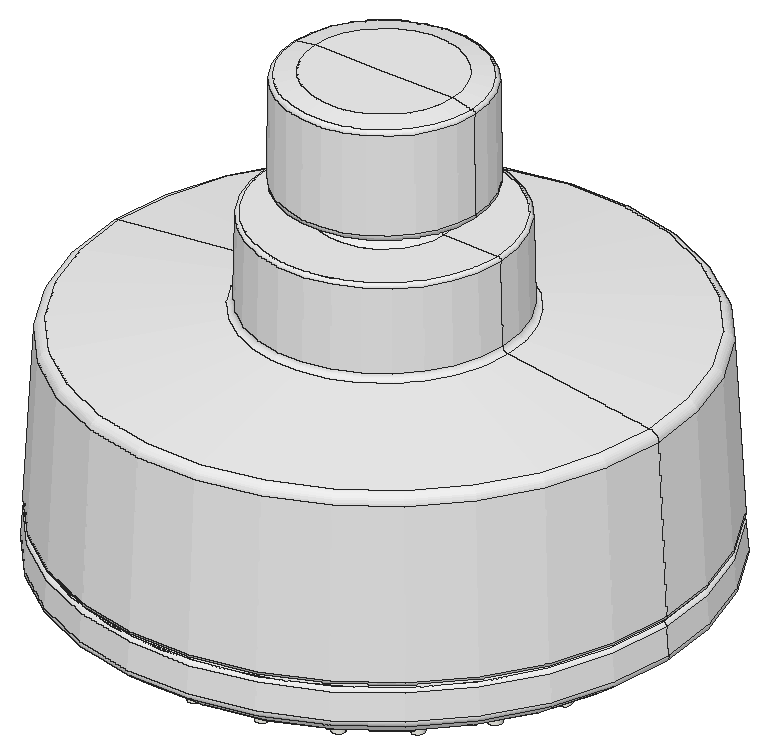
Revit family "xShower_Head-GROHE-New_Tempesta_Cosmopolitan_100-26043_Series", category Plumbing Fixtures, Revit 2018
Family settings
  Round Connector Dimension = Use Diameter
  Part Type = Normal
  OmniClass Number = 23.45.05.14.17
  OmniClass Title = Showers
  Work Plane-Based = Yes
  Always vertical = No
  Cut with Voids When Loaded = No
  Shared = Yes
  Room Calculation Point = No
Parameters (values of type "26043001")
  cUPC Compliant = yes
  Waste Connection = no
  Warranty Documentation Link = "https://cdn.cloud.grohe.com/tpi/1000/1900/1940/1949/1949006/original/1949006.pdf"
  WFU = 0  # constant formula
  Vent Connection = no
  URL = "https://www.grohe.us/"
  Tempered Water Connection Radius = 1/4"  # constant formula
  Tempered Water Connection Diameter = Tempered Water Connection Radius * 2  # 1/2"
  Revised Date = "05/27/2021"  # constant formula
  Product Page URL = "https://www.grohe.us/Shower-Heads/100-Shower-Head-4-Inch-4-Sprays-175-gpm/GROHE-CHROME-26043001"
  Product Documentation Link = "https://americanstandard.box.com/shared/static/akw5ragoc8y44gxfnxv3qe4qzl8ixzyp.pdf"
  Price = "Prices may vary. Please consult Manufacturer Representative for most up-to-date price list."  # constant formula
  Model = "26043001"
  Min. Working Pressure = "15 psi (1.0 bar)"  # constant formula
  Material = "Metal-Grohe-001-StarLight Chrome"
  Manufacturer = "GROHE"
  IAPMO Compliance = "ASME A112.18.1/CSA B125.1"  # constant formula
  Height = 3 5/16"
  HWFU = 3  # constant formula
  HW Connection = yes
  Flow Rate = "1.75 gpm (6.6 l/min)"  # constant formula
  Finish = Metal-Grohe-001-StarLight Chrome
  Diameter = 3 15/16"
  Description = "Tempesta Cosmopolitan 100 Shower Head"  # constant formula
  Default Elevation = 0"
  Creation Date = "2017/04/20"  # constant formula
  CWFU = 3  # constant formula
  CW Connection = yes
  Assembly Code = "D2010710"
Types (6): name | Product Page URL | Model | Material | Finish | Assembly Code
  (no name) | "https://www.grohe.us/Shower-Heads/100-Shower-Head-4-Inch-4-Sprays-175-gpm/GROHE-CHROME-26043001" | "26043001" | "Metal-Grohe-001-StarLight Chrome" | Metal-Grohe-001-StarLight Chrome | "D2010710"
  26043001 | "https://www.grohe.us/Shower-Heads/100-Shower-Head-4-Inch-4-Sprays-175-gpm/GROHE-CHROME-26043001" | "26043001" | "Metal-Grohe-001-StarLight Chrome" | Metal-Grohe-001-StarLight Chrome | "D2010710"
  26043EN1 | "https://www.grohe.us/Shower-Heads/100-Shower-Head-4-Inch-4-Sprays-175-gpm/GROHE-BRUSHED-NICKEL-26043EN1" | "26043EN1" | "Metal-Grohe-EN1-Brushed Nickel Infinity Finish" | Metal-Grohe-EN1-Brushed Nickel Infinity Finish | "D2010700"
  26043A01 | "https://www.grohe.us/Shower-Heads/100-Shower-Head-4-Inch-4-Sprays-175-gpm/GROHE-HARD-GRAPHITE-26043A01" | "26043A01" | "Metal-Grohe-A01-Hard Graphite" | Metal-Grohe-A01-Hard Graphite | "D2010710"
  26043BE1 | "https://www.grohe.us/Shower-Heads/100-Shower-Head-4-Inch-4-Sprays-175-gpm/GROHE-POLISHED-NICKEL-26043BE1" | "26043BE1" | "Metal-Grohe-BE1-Polished Nickel Infinity Finish" | Metal-Grohe-BE1-Polished Nickel Infinity Finish | "D2010710"
  26043GN1 | "https://www.grohe.us/Shower-Heads/100-Shower-Head-4-Inch-4-Sprays-175-gpm/GROHE-BRUSHED-COOL-SUNRISE-26043GN1" | "26043GN1" | "Metal-Grohe-GN1-Brushed Cool Sunrise" | Metal-Grohe-GN1-Brushed Cool Sunrise | "D2010710"
Reference planes (in)
  plane 1 "Center (Front/Back)": y = 0
  plane 2: z = 0
  plane 3 "Center (Left/Right)": x = 0
  plane 4: x = 1.96875
  plane 5: x = -1.96875
  plane 6: z = -3.3125
Forms (in)
  Revolve 1, solid, material "Metal-Grohe-001-StarLight Chrome" <- "Finish"
    sketch origin (0, 0, 0.03216) x (1, 0, 0) y (0, 0, 1)
      loop
        line (0.62963, -0.68893) -> (0.6243, -0.07744)
        arc (0.6243, -0.07744) -> (0.61777, -0.05988) -> (0.60153, -0.05054) r 0.02756
        line (0.60153, -0.05054) -> (0.47124, -0.02757) -> (0, -0.02757) -> (0, -3.34466) -> (0.35181, -3.34466)
        arc (0.35181, -3.34466) -> (0.4293, -3.32656) -> (0.49688, -3.28458) r 0.24491
        arc (0.49688, -3.28458) -> (0.99156, -3.23418) -> (1.48551, -3.17709) r 36.71426
        arc (1.48551, -3.17709) -> (1.63073, -3.14674) -> (1.76881, -3.09251) r 0.88258
        arc (1.76881, -3.09251) -> (1.78443, -3.08814) -> (1.79829, -3.07971) r 0.05945
        arc (1.79829, -3.07971) -> (1.87314, -3.03088) -> (1.94312, -2.97529) r 0.95758
        arc (1.94312, -2.97529) -> (1.95453, -2.95917) -> (1.95734, -2.93963) r 0.04211
        line (1.95734, -2.93963) -> (1.94486, -2.76726)
        arc (1.94486, -2.76726) -> (1.93544, -2.75369) -> (1.92069, -2.74625) r 0.03357
        line (1.92069, -2.74625) -> (1.84693, -2.74625) -> (1.82174, -2.72657) -> (1.92176, -2.72657)
        arc (1.92176, -2.72657) -> (1.93591, -2.72049) -> (1.94124, -2.70605) r 0.0195
        line (1.94124, -2.70605) -> (1.88604, -1.65276)
        arc (1.88604, -1.65276) -> (1.86796, -1.60907) -> (1.82642, -1.58648) r 0.07087
        arc (1.82642, -1.58648) -> (1.3395, -1.51923) -> (0.8502, -1.47229) r 11.81102
        arc (0.8502, -1.47229) -> (0.82451, -1.46006) -> (0.81377, -1.43372) r 0.03937
        line (0.81377, -1.43372) -> (0.80474, -0.91631)
        arc (0.80474, -0.91631) -> (0.79768, -0.89988) -> (0.78112, -0.8931) r 0.02362
        line (0.78112, -0.8931) -> (0.40709, -0.8931) -> (0.36417, -0.85019) -> (0.36417, -0.78485)
        arc (0.36417, -0.78485) -> (0.37378, -0.75256) -> (0.39948, -0.73078) r 0.05906
        line (0.39948, -0.73078) -> (0.58815, -0.73078)
        arc (0.58815, -0.73078) -> (0.61761, -0.7185) -> (0.62963, -0.68893) r 0.04148
      axis (0, -0.02757) -> (0, -3.34466)
    angle from 0 to 360
  Extrusion 2, solid, material "Metal-Grohe-001-StarLight Chrome" <- "Finish"
    sketch origin (0, 0, 0) x (0, 1, 0) y (0, 0, 1)
      loop
        arc (2.76106, -2.89823) -> (2.76275, -2.88209) -> (2.75148, -2.87041) r 0.0192
        line (2.75148, -2.87041) -> (2.11117, -2.62462)
        arc (2.11117, -2.62462) -> (2.07214, -2.62446) -> (2.04153, -2.64868) r 0.05907
        line (2.04153, -2.64868) -> (1.99909, -2.71567)
        arc (1.99909, -2.71567) -> (1.98669, -2.72733) -> (1.9702, -2.73156) r 0.0342
        line (1.9702, -2.73156) -> (1.93062, -2.73156) -> (1.79627, -2.73156) -> (1.79627, -3.05147) -> (2.41947, -3.4279)
        arc (2.41947, -3.4279) -> (2.43459, -3.43019) -> (2.44689, -3.4211) r 0.01995
        line (2.44689, -3.4211) -> (2.76106, -2.89823)
    from -0.07874 to 0.07874
  Extrusion 3, solid, material "Rubber-Grohe-White"
    sketch origin (0, -0.20312, 0) x (1, 0, 0) y (0, 1, 0)
      loop
        circle (0, 1.83978) r 0.04013
    from -3.05813 to -3.1457
  Extrusion 4, solid, material "Rubber-Grohe-White"
    sketch origin (0, -0.53528, 0) x (1, 0, 0) y (0, 1, 0)
      loop
        circle (0, 1.83978) r 0.04013
    from -3.05813 to -3.19328
  Extrusion 5, solid, material "Rubber-Grohe-White"
    sketch origin (0, -0.86744, 0) x (1, 0, 0) y (0, 1, 0)
      loop
        circle (0, 1.83978) r 0.04013
    from -3.05813 to -3.22866
  Extrusion 6, solid, material "Rubber-Grohe-White"
    sketch origin (-0.05257, -0.1962, 0) x (0.965926, -0.258819, 0) y (0.258819, 0.965926, 0)
      loop
        circle (0, 1.83978) r 0.04013
    from -3.05813 to -3.1457
  Extrusion 7, solid, material "Rubber-Grohe-White"
    sketch origin (-0.13854, -0.51704, 0) x (0.965926, -0.258819, 0) y (0.258819, 0.965926, 0)
      loop
        circle (0, 1.83978) r 0.04013
    from -3.05813 to -3.19328
  Extrusion 8, solid, material "Rubber-Grohe-White"
    sketch origin (-0.22451, -0.83788, 0) x (0.965926, -0.258819, 0) y (0.258819, 0.965926, 0)
      loop
        circle (0, 1.83978) r 0.04013
    from -3.05813 to -3.22866
  Extrusion 9, solid, material "Rubber-Grohe-White"
    sketch origin (-0.10156, -0.17591, 0) x (0.866025, -0.5, 0) y (0.5, 0.866025, 0)
      loop
        circle (0, 1.83978) r 0.04013
    from -3.05813 to -3.1457
  Extrusion 10, solid, material "Rubber-Grohe-White"
    sketch origin (-0.26764, -0.46357, 0) x (0.866025, -0.5, 0) y (0.5, 0.866025, 0)
      loop
        circle (0, 1.83978) r 0.04013
    from -3.05813 to -3.19328
  Extrusion 11, solid, material "Rubber-Grohe-White"
    sketch origin (-0.43372, -0.75123, 0) x (0.866025, -0.5, 0) y (0.5, 0.866025, 0)
      loop
        circle (0, 1.83978) r 0.04013
    from -3.05813 to -3.22866
  Extrusion 12, solid, material "Rubber-Grohe-White"
    sketch origin (-0.14363, -0.14363, 0) x (0.707107, -0.707107, 0) y (0.707107, 0.707107, 0)
      loop
        circle (0, 1.83978) r 0.04013
    from -3.05813 to -3.1457
  Extrusion 13, solid, material "Rubber-Grohe-White"
    sketch origin (-0.3785, -0.3785, 0) x (0.707107, -0.707107, 0) y (0.707107, 0.707107, 0)
      loop
        circle (0, 1.83978) r 0.04013
    from -3.05813 to -3.19328
  Extrusion 14, solid, material "Rubber-Grohe-White"
    sketch origin (-0.61337, -0.61337, 0) x (0.707107, -0.707107, 0) y (0.707107, 0.707107, 0)
      loop
        circle (0, 1.83978) r 0.04013
    from -3.05813 to -3.22866
  Extrusion 15, solid, material "Rubber-Grohe-White"
    sketch origin (-0.17591, -0.10156, 0) x (0.5, -0.866025, 0) y (0.866025, 0.5, 0)
      loop
        circle (0, 1.83978) r 0.04013
    from -3.05813 to -3.1457
  Extrusion 16, solid, material "Rubber-Grohe-White"
    sketch origin (-0.46357, -0.26764, 0) x (0.5, -0.866025, 0) y (0.866025, 0.5, 0)
      loop
        circle (0, 1.83978) r 0.04013
    from -3.05813 to -3.19328
  Extrusion 17, solid, material "Rubber-Grohe-White"
    sketch origin (-0.75123, -0.43372, 0) x (0.5, -0.866025, 0) y (0.866025, 0.5, 0)
      loop
        circle (0, 1.83978) r 0.04013
    from -3.05813 to -3.22866
  Extrusion 18, solid, material "Rubber-Grohe-White"
    sketch origin (-0.1962, -0.05257, 0) x (0.258819, -0.965926, 0) y (0.965926, 0.258819, 0)
      loop
        circle (0, 1.83978) r 0.04013
    from -3.05813 to -3.1457
  Extrusion 19, solid, material "Rubber-Grohe-White"
    sketch origin (-0.51704, -0.13854, 0) x (0.258819, -0.965926, 0) y (0.965926, 0.258819, 0)
      loop
        circle (0, 1.83978) r 0.04013
    from -3.05813 to -3.19328
  Extrusion 20, solid, material "Rubber-Grohe-White"
    sketch origin (-0.83788, -0.22451, 0) x (0.258819, -0.965926, 0) y (0.965926, 0.258819, 0)
      loop
        circle (0, 1.83978) r 0.04013
    from -3.05813 to -3.22866
  Extrusion 21, solid, material "Rubber-Grohe-White"
    sketch origin (-0.20312, 0, 0) x (0, -1, 0) y (1, 0, 0)
      loop
        circle (0, 1.83978) r 0.04013
    from -3.05813 to -3.1457
  Extrusion 22, solid, material "Rubber-Grohe-White"
    sketch origin (-0.53528, 0, 0) x (0, -1, 0) y (1, 0, 0)
      loop
        circle (0, 1.83978) r 0.04013
    from -3.05813 to -3.19328
  Extrusion 23, solid, material "Rubber-Grohe-White"
    sketch origin (-0.86744, 0, 0) x (0, -1, 0) y (1, 0, 0)
      loop
        circle (0, 1.83978) r 0.04013
    from -3.05813 to -3.22866
  Extrusion 24, solid, material "Rubber-Grohe-White"
    sketch origin (-0.1962, 0.05257, 0) x (-0.258819, -0.965926, 0) y (0.965926, -0.258819, 0)
      loop
        circle (0, 1.83978) r 0.04013
    from -3.05813 to -3.1457
  Extrusion 25, solid, material "Rubber-Grohe-White"
    sketch origin (-0.51704, 0.13854, 0) x (-0.258819, -0.965926, 0) y (0.965926, -0.258819, 0)
      loop
        circle (0, 1.83978) r 0.04013
    from -3.05813 to -3.19328
  Extrusion 26, solid, material "Rubber-Grohe-White"
    sketch origin (-0.83788, 0.22451, 0) x (-0.258819, -0.965926, 0) y (0.965926, -0.258819, 0)
      loop
        circle (0, 1.83978) r 0.04013
    from -3.05813 to -3.22866
  Extrusion 27, solid, material "Rubber-Grohe-White"
    sketch origin (-0.17591, 0.10156, 0) x (-0.5, -0.866025, 0) y (0.866025, -0.5, 0)
      loop
        circle (0, 1.83978) r 0.04013
    from -3.05813 to -3.1457
  Extrusion 28, solid, material "Rubber-Grohe-White"
    sketch origin (-0.46357, 0.26764, 0) x (-0.5, -0.866025, 0) y (0.866025, -0.5, 0)
      loop
        circle (0, 1.83978) r 0.04013
    from -3.05813 to -3.19328
  Extrusion 29, solid, material "Rubber-Grohe-White"
    sketch origin (-0.75123, 0.43372, 0) x (-0.5, -0.866025, 0) y (0.866025, -0.5, 0)
      loop
        circle (0, 1.83978) r 0.04013
    from -3.05813 to -3.22866
  Extrusion 30, solid, material "Rubber-Grohe-White"
    sketch origin (-0.14363, 0.14363, 0) x (-0.707107, -0.707107, 0) y (0.707107, -0.707107, 0)
      loop
        circle (0, 1.83978) r 0.04013
    from -3.05813 to -3.1457
  Extrusion 31, solid, material "Rubber-Grohe-White"
    sketch origin (-0.3785, 0.3785, 0) x (-0.707107, -0.707107, 0) y (0.707107, -0.707107, 0)
      loop
        circle (0, 1.83978) r 0.04013
    from -3.05813 to -3.19328
  Extrusion 32, solid, material "Rubber-Grohe-White"
    sketch origin (-0.61337, 0.61337, 0) x (-0.707107, -0.707107, 0) y (0.707107, -0.707107, 0)
      loop
        circle (0, 1.83978) r 0.04013
    from -3.05813 to -3.22866
  Extrusion 33, solid, material "Rubber-Grohe-White"
    sketch origin (-0.10156, 0.17591, 0) x (-0.866025, -0.5, 0) y (0.5, -0.866025, 0)
      loop
        circle (0, 1.83978) r 0.04013
    from -3.05813 to -3.1457
  Extrusion 34, solid, material "Rubber-Grohe-White"
    sketch origin (-0.26764, 0.46357, 0) x (-0.866025, -0.5, 0) y (0.5, -0.866025, 0)
      loop
        circle (0, 1.83978) r 0.04013
    from -3.05813 to -3.19328
  Extrusion 35, solid, material "Rubber-Grohe-White"
    sketch origin (-0.43372, 0.75123, 0) x (-0.866025, -0.5, 0) y (0.5, -0.866025, 0)
      loop
        circle (0, 1.83978) r 0.04013
    from -3.05813 to -3.22866
  Extrusion 36, solid, material "Rubber-Grohe-White"
    sketch origin (-0.05257, 0.1962, 0) x (-0.965926, -0.258819, 0) y (0.258819, -0.965926, 0)
      loop
        circle (0, 1.83978) r 0.04013
    from -3.05813 to -3.1457
  Extrusion 37, solid, material "Rubber-Grohe-White"
    sketch origin (-0.13854, 0.51704, 0) x (-0.965926, -0.258819, 0) y (0.258819, -0.965926, 0)
      loop
        circle (0, 1.83978) r 0.04013
    from -3.05813 to -3.19328
  Extrusion 38, solid, material "Rubber-Grohe-White"
    sketch origin (-0.22451, 0.83788, 0) x (-0.965926, -0.258819, 0) y (0.258819, -0.965926, 0)
      loop
        circle (0, 1.83978) r 0.04013
    from -3.05813 to -3.22866
  Extrusion 39, solid, material "Rubber-Grohe-White"
    sketch origin (0, 0.20312, 0) x (-1, 0, 0) y (0, -1, 0)
      loop
        circle (0, 1.83978) r 0.04013
    from -3.05813 to -3.1457
  Extrusion 40, solid, material "Rubber-Grohe-White"
    sketch origin (0, 0.53528, 0) x (-1, 0, 0) y (0, -1, 0)
      loop
        circle (0, 1.83978) r 0.04013
    from -3.05813 to -3.19328
  Extrusion 41, solid, material "Rubber-Grohe-White"
    sketch origin (0, 0.86744, 0) x (-1, 0, 0) y (0, -1, 0)
      loop
        circle (0, 1.83978) r 0.04013
    from -3.05813 to -3.22866
  Extrusion 42, solid, material "Rubber-Grohe-White"
    sketch origin (0.05257, 0.1962, 0) x (-0.965926, 0.258819, 0) y (-0.258819, -0.965926, 0)
      loop
        circle (0, 1.83978) r 0.04013
    from -3.05813 to -3.1457
  Extrusion 43, solid, material "Rubber-Grohe-White"
    sketch origin (0.13854, 0.51704, 0) x (-0.965926, 0.258819, 0) y (-0.258819, -0.965926, 0)
      loop
        circle (0, 1.83978) r 0.04013
    from -3.05813 to -3.19328
  Extrusion 44, solid, material "Rubber-Grohe-White"
    sketch origin (0.22451, 0.83788, 0) x (-0.965926, 0.258819, 0) y (-0.258819, -0.965926, 0)
      loop
        circle (0, 1.83978) r 0.04013
    from -3.05813 to -3.22866
  Extrusion 45, solid, material "Rubber-Grohe-White"
    sketch origin (0.10156, 0.17591, 0) x (-0.866025, 0.5, 0) y (-0.5, -0.866025, 0)
      loop
        circle (0, 1.83978) r 0.04013
    from -3.05813 to -3.1457
  Extrusion 46, solid, material "Rubber-Grohe-White"
    sketch origin (0.26764, 0.46357, 0) x (-0.866025, 0.5, 0) y (-0.5, -0.866025, 0)
      loop
        circle (0, 1.83978) r 0.04013
    from -3.05813 to -3.19328
  Extrusion 47, solid, material "Rubber-Grohe-White"
    sketch origin (0.43372, 0.75123, 0) x (-0.866025, 0.5, 0) y (-0.5, -0.866025, 0)
      loop
        circle (0, 1.83978) r 0.04013
    from -3.05813 to -3.22866
  Extrusion 48, solid, material "Rubber-Grohe-White"
    sketch origin (0.14363, 0.14363, 0) x (-0.707107, 0.707107, 0) y (-0.707107, -0.707107, 0)
      loop
        circle (0, 1.83978) r 0.04013
    from -3.05813 to -3.1457
  Extrusion 49, solid, material "Rubber-Grohe-White"
    sketch origin (0.3785, 0.3785, 0) x (-0.707107, 0.707107, 0) y (-0.707107, -0.707107, 0)
      loop
        circle (0, 1.83978) r 0.04013
    from -3.05813 to -3.19328
  Extrusion 50, solid, material "Rubber-Grohe-White"
    sketch origin (0.61337, 0.61337, 0) x (-0.707107, 0.707107, 0) y (-0.707107, -0.707107, 0)
      loop
        circle (0, 1.83978) r 0.04013
    from -3.05813 to -3.22866
  Extrusion 51, solid, material "Rubber-Grohe-White"
    sketch origin (0.17591, 0.10156, 0) x (-0.5, 0.866025, 0) y (-0.866025, -0.5, 0)
      loop
        circle (0, 1.83978) r 0.04013
    from -3.05813 to -3.1457
  Extrusion 52, solid, material "Rubber-Grohe-White"
    sketch origin (0.46357, 0.26764, 0) x (-0.5, 0.866025, 0) y (-0.866025, -0.5, 0)
      loop
        circle (0, 1.83978) r 0.04013
    from -3.05813 to -3.19328
  Extrusion 53, solid, material "Rubber-Grohe-White"
    sketch origin (0.75123, 0.43372, 0) x (-0.5, 0.866025, 0) y (-0.866025, -0.5, 0)
      loop
        circle (0, 1.83978) r 0.04013
    from -3.05813 to -3.22866
  Extrusion 54, solid, material "Rubber-Grohe-White"
    sketch origin (0.1962, 0.05257, 0) x (-0.258819, 0.965926, 0) y (-0.965926, -0.258819, 0)
      loop
        circle (0, 1.83978) r 0.04013
    from -3.05813 to -3.1457
  Extrusion 55, solid, material "Rubber-Grohe-White"
    sketch origin (0.51704, 0.13854, 0) x (-0.258819, 0.965926, 0) y (-0.965926, -0.258819, 0)
      loop
        circle (0, 1.83978) r 0.04013
    from -3.05813 to -3.19328
  Extrusion 56, solid, material "Rubber-Grohe-White"
    sketch origin (0.83788, 0.22451, 0) x (-0.258819, 0.965926, 0) y (-0.965926, -0.258819, 0)
      loop
        circle (0, 1.83978) r 0.04013
    from -3.05813 to -3.22866
  Extrusion 57, solid, material "Rubber-Grohe-White"
    sketch origin (0.20312, 0, 0) x (0, 1, 0) y (-1, 0, 0)
      loop
        circle (0, 1.83978) r 0.04013
    from -3.05813 to -3.1457
  Extrusion 58, solid, material "Rubber-Grohe-White"
    sketch origin (0.53528, 0, 0) x (0, 1, 0) y (-1, 0, 0)
      loop
        circle (0, 1.83978) r 0.04013
    from -3.05813 to -3.19328
  Extrusion 59, solid, material "Rubber-Grohe-White"
    sketch origin (0.86744, 0, 0) x (0, 1, 0) y (-1, 0, 0)
      loop
        circle (0, 1.83978) r 0.04013
    from -3.05813 to -3.22866
  Extrusion 60, solid, material "Rubber-Grohe-White"
    sketch origin (0.1962, -0.05257, 0) x (0.258819, 0.965926, 0) y (-0.965926, 0.258819, 0)
      loop
        circle (0, 1.83978) r 0.04013
    from -3.05813 to -3.1457
  Extrusion 61, solid, material "Rubber-Grohe-White"
    sketch origin (0.51704, -0.13854, 0) x (0.258819, 0.965926, 0) y (-0.965926, 0.258819, 0)
      loop
        circle (0, 1.83978) r 0.04013
    from -3.05813 to -3.19328
  Extrusion 62, solid, material "Rubber-Grohe-White"
    sketch origin (0.83788, -0.22451, 0) x (0.258819, 0.965926, 0) y (-0.965926, 0.258819, 0)
      loop
        circle (0, 1.83978) r 0.04013
    from -3.05813 to -3.22866
  Extrusion 63, solid, material "Rubber-Grohe-White"
    sketch origin (0.17591, -0.10156, 0) x (0.5, 0.866025, 0) y (-0.866025, 0.5, 0)
      loop
        circle (0, 1.83978) r 0.04013
    from -3.05813 to -3.1457
  Extrusion 64, solid, material "Rubber-Grohe-White"
    sketch origin (0.46357, -0.26764, 0) x (0.5, 0.866025, 0) y (-0.866025, 0.5, 0)
      loop
        circle (0, 1.83978) r 0.04013
    from -3.05813 to -3.19328
  Extrusion 65, solid, material "Rubber-Grohe-White"
    sketch origin (0.75123, -0.43372, 0) x (0.5, 0.866025, 0) y (-0.866025, 0.5, 0)
      loop
        circle (0, 1.83978) r 0.04013
    from -3.05813 to -3.22866
  Extrusion 66, solid, material "Rubber-Grohe-White"
    sketch origin (0.14363, -0.14363, 0) x (0.707107, 0.707107, 0) y (-0.707107, 0.707107, 0)
      loop
        circle (0, 1.83978) r 0.04013
    from -3.05813 to -3.1457
  Extrusion 67, solid, material "Rubber-Grohe-White"
    sketch origin (0.3785, -0.3785, 0) x (0.707107, 0.707107, 0) y (-0.707107, 0.707107, 0)
      loop
        circle (0, 1.83978) r 0.04013
    from -3.05813 to -3.19328
  Extrusion 68, solid, material "Rubber-Grohe-White"
    sketch origin (0.61337, -0.61337, 0) x (0.707107, 0.707107, 0) y (-0.707107, 0.707107, 0)
      loop
        circle (0, 1.83978) r 0.04013
    from -3.05813 to -3.22866
  Extrusion 69, solid, material "Rubber-Grohe-White"
    sketch origin (0.10156, -0.17591, 0) x (0.866025, 0.5, 0) y (-0.5, 0.866025, 0)
      loop
        circle (0, 1.83978) r 0.04013
    from -3.05813 to -3.1457
  Extrusion 70, solid, material "Rubber-Grohe-White"
    sketch origin (0.26764, -0.46357, 0) x (0.866025, 0.5, 0) y (-0.5, 0.866025, 0)
      loop
        circle (0, 1.83978) r 0.04013
    from -3.05813 to -3.19328
  Extrusion 71, solid, material "Rubber-Grohe-White"
    sketch origin (0.43372, -0.75123, 0) x (0.866025, 0.5, 0) y (-0.5, 0.866025, 0)
      loop
        circle (0, 1.83978) r 0.04013
    from -3.05813 to -3.22866
  Extrusion 72, solid, material "Rubber-Grohe-White"
    sketch origin (0.05257, -0.1962, 0) x (0.965926, 0.258819, 0) y (-0.258819, 0.965926, 0)
      loop
        circle (0, 1.83978) r 0.04013
    from -3.05813 to -3.1457
  Extrusion 73, solid, material "Rubber-Grohe-White"
    sketch origin (0.13854, -0.51704, 0) x (0.965926, 0.258819, 0) y (-0.258819, 0.965926, 0)
      loop
        circle (0, 1.83978) r 0.04013
    from -3.05813 to -3.19328
  Extrusion 74, solid, material "Rubber-Grohe-White"
    sketch origin (0.22451, -0.83788, 0) x (0.965926, 0.258819, 0) y (-0.258819, 0.965926, 0)
      loop
        circle (0, 1.83978) r 0.04013
    from -3.05813 to -3.22866
  Extrusion 75, void
    sketch origin (0, 0, 0) x (1, 0, 0) y (0, 1, 0)
      loop
        line (-0.01565, 0.47975) -> (-0.01565, 0.34244) -> (0.01618, 0.34244) -> (0.01618, 0.47975) -> (-0.01565, 0.47975)
    from -3.78969 to -2.73969
  Extrusion 76, void
    sketch origin (0, 0, 0) x (0.965926, -0.258819, 0) y (0.258819, 0.965926, 0)
      loop
        line (-0.01565, 0.47975) -> (-0.01565, 0.34244) -> (0.01618, 0.34244) -> (0.01618, 0.47975) -> (-0.01565, 0.47975)
    from -3.78969 to -2.73969
  Extrusion 77, void
    sketch origin (0, 0, 0) x (0.866025, -0.5, 0) y (0.5, 0.866025, 0)
      loop
        line (-0.01565, 0.47975) -> (-0.01565, 0.34244) -> (0.01618, 0.34244) -> (0.01618, 0.47975) -> (-0.01565, 0.47975)
    from -3.78969 to -2.73969
  Extrusion 78, void
    sketch origin (0, 0, 0) x (0.707107, -0.707107, 0) y (0.707107, 0.707107, 0)
      loop
        line (-0.01565, 0.47975) -> (-0.01565, 0.34244) -> (0.01618, 0.34244) -> (0.01618, 0.47975) -> (-0.01565, 0.47975)
    from -3.78969 to -2.73969
  Extrusion 79, void
    sketch origin (0, 0, 0) x (0.5, -0.866025, 0) y (0.866025, 0.5, 0)
      loop
        line (-0.01565, 0.47975) -> (-0.01565, 0.34244) -> (0.01618, 0.34244) -> (0.01618, 0.47975) -> (-0.01565, 0.47975)
    from -3.78969 to -2.73969
  Extrusion 80, void
    sketch origin (0, 0, 0) x (0.258819, -0.965926, 0) y (0.965926, 0.258819, 0)
      loop
        line (-0.01565, 0.47975) -> (-0.01565, 0.34244) -> (0.01618, 0.34244) -> (0.01618, 0.47975) -> (-0.01565, 0.47975)
    from -3.78969 to -2.73969
  Extrusion 81, void
    sketch origin (0, 0, 0) x (0, -1, 0) y (1, 0, 0)
      loop
        line (-0.01565, 0.47975) -> (-0.01565, 0.34244) -> (0.01618, 0.34244) -> (0.01618, 0.47975) -> (-0.01565, 0.47975)
    from -3.78969 to -2.73969
  Extrusion 82, void
    sketch origin (0, 0, 0) x (-0.258819, -0.965926, 0) y (0.965926, -0.258819, 0)
      loop
        line (-0.01565, 0.47975) -> (-0.01565, 0.34244) -> (0.01618, 0.34244) -> (0.01618, 0.47975) -> (-0.01565, 0.47975)
    from -3.78969 to -2.73969
  Extrusion 83, void
    sketch origin (0, 0, 0) x (-0.5, -0.866025, 0) y (0.866025, -0.5, 0)
      loop
        line (-0.01565, 0.47975) -> (-0.01565, 0.34244) -> (0.01618, 0.34244) -> (0.01618, 0.47975) -> (-0.01565, 0.47975)
    from -3.78969 to -3.04636
  Extrusion 84, void
    sketch origin (0, 0, 0) x (-0.707107, -0.707107, 0) y (0.707107, -0.707107, 0)
      loop
        line (-0.01565, 0.47975) -> (-0.01565, 0.34244) -> (0.01618, 0.34244) -> (0.01618, 0.47975) -> (-0.01565, 0.47975)
    from -3.78969 to -2.73969
  Extrusion 85, void
    sketch origin (0, 0, 0) x (-0.866025, -0.5, 0) y (0.5, -0.866025, 0)
      loop
        line (-0.01565, 0.47975) -> (-0.01565, 0.34244) -> (0.01618, 0.34244) -> (0.01618, 0.47975) -> (-0.01565, 0.47975)
    from -3.78969 to -2.73969
  Extrusion 86, void
    sketch origin (0, 0, 0) x (-0.965926, -0.258819, 0) y (0.258819, -0.965926, 0)
      loop
        line (-0.01565, 0.47975) -> (-0.01565, 0.34244) -> (0.01618, 0.34244) -> (0.01618, 0.47975) -> (-0.01565, 0.47975)
    from -3.78969 to -2.73969
  Extrusion 87, void
    sketch origin (0, 0, 0) x (-1, 0, 0) y (0, -1, 0)
      loop
        line (-0.01565, 0.47975) -> (-0.01565, 0.34244) -> (0.01618, 0.34244) -> (0.01618, 0.47975) -> (-0.01565, 0.47975)
    from -3.78969 to -2.73969
  Extrusion 88, void
    sketch origin (0, 0, 0) x (-0.965926, 0.258819, 0) y (-0.258819, -0.965926, 0)
      loop
        line (-0.01565, 0.47975) -> (-0.01565, 0.34244) -> (0.01618, 0.34244) -> (0.01618, 0.47975) -> (-0.01565, 0.47975)
    from -3.78969 to -2.73969
  Extrusion 89, void
    sketch origin (0, 0, 0) x (-0.866025, 0.5, 0) y (-0.5, -0.866025, 0)
      loop
        line (-0.01565, 0.47975) -> (-0.01565, 0.34244) -> (0.01618, 0.34244) -> (0.01618, 0.47975) -> (-0.01565, 0.47975)
    from -3.78969 to -2.73969
  Extrusion 90, void
    sketch origin (0, 0, 0) x (-0.707107, 0.707107, 0) y (-0.707107, -0.707107, 0)
      loop
        line (-0.01565, 0.47975) -> (-0.01565, 0.34244) -> (0.01618, 0.34244) -> (0.01618, 0.47975) -> (-0.01565, 0.47975)
    from -3.78969 to -2.73969
  Extrusion 91, void
    sketch origin (0, 0, 0) x (-0.5, 0.866025, 0) y (-0.866025, -0.5, 0)
      loop
        line (-0.01565, 0.47975) -> (-0.01565, 0.34244) -> (0.01618, 0.34244) -> (0.01618, 0.47975) -> (-0.01565, 0.47975)
    from -3.78969 to -2.73969
  Extrusion 92, void
    sketch origin (0, 0, 0) x (-0.258819, 0.965926, 0) y (-0.965926, -0.258819, 0)
      loop
        line (-0.01565, 0.47975) -> (-0.01565, 0.34244) -> (0.01618, 0.34244) -> (0.01618, 0.47975) -> (-0.01565, 0.47975)
    from -3.78969 to -2.73969
  Extrusion 93, void
    sketch origin (0, 0, 0) x (0, 1, 0) y (-1, 0, 0)
      loop
        line (-0.01565, 0.47975) -> (-0.01565, 0.34244) -> (0.01618, 0.34244) -> (0.01618, 0.47975) -> (-0.01565, 0.47975)
    from -3.78969 to -2.73969
  Extrusion 94, void
    sketch origin (0, 0, 0) x (0.258819, 0.965926, 0) y (-0.965926, 0.258819, 0)
      loop
        line (-0.01565, 0.47975) -> (-0.01565, 0.34244) -> (0.01618, 0.34244) -> (0.01618, 0.47975) -> (-0.01565, 0.47975)
    from -3.78969 to -2.73969
  Extrusion 95, void
    sketch origin (0, 0, 0) x (0.5, 0.866025, 0) y (-0.866025, 0.5, 0)
      loop
        line (-0.01565, 0.47975) -> (-0.01565, 0.34244) -> (0.01618, 0.34244) -> (0.01618, 0.47975) -> (-0.01565, 0.47975)
    from -3.78969 to -2.73969
  Extrusion 96, void
    sketch origin (0, 0, 0) x (0.707107, 0.707107, 0) y (-0.707107, 0.707107, 0)
      loop
        line (-0.01565, 0.47975) -> (-0.01565, 0.34244) -> (0.01618, 0.34244) -> (0.01618, 0.47975) -> (-0.01565, 0.47975)
    from -3.78969 to -2.73969
  Extrusion 97, void
    sketch origin (0, 0, 0) x (0.866025, 0.5, 0) y (-0.5, 0.866025, 0)
      loop
        line (-0.01565, 0.47975) -> (-0.01565, 0.34244) -> (0.01618, 0.34244) -> (0.01618, 0.47975) -> (-0.01565, 0.47975)
    from -3.78969 to -2.73969
  Extrusion 98, void
    sketch origin (0, 0, 0) x (0.965926, 0.258819, 0) y (-0.258819, 0.965926, 0)
      loop
        line (-0.01565, 0.47975) -> (-0.01565, 0.34244) -> (0.01618, 0.34244) -> (0.01618, 0.47975) -> (-0.01565, 0.47975)
    from -3.78969 to -2.73969
  Extrusion 99, void
    sketch origin (0, 0, 0) x (1, 0, 0) y (0, 1, 0)
      loop
        circle (0, 0) r 0.11759
    from -3.96341 to -2.73969
Cuts and joins
  Extrusion 75, Extrusion 76, Extrusion 77, Extrusion 78, Extrusion 79, Extrusion 80, Extrusion 81, Extrusion 82, Extrusion 83, Extrusion 84, Extrusion 85, Extrusion 86, Extrusion 87, Extrusion 88, Extrusion 89, Extrusion 90, Extrusion 91, Extrusion 92, Extrusion 93, Extrusion 94, Extrusion 95, Extrusion 96, Extrusion 97, Extrusion 98, Extrusion 99 cuts Revolve 1
  Extrusion 75 cuts Extrusion 2
Lines and regions (in)
  Masking region 1
    outline origin (0, 0, 0) x (1, 0, 0) y (0, 1, 0)
      loop
        arc (-0.07874, 1.95234) -> (0, -1.95393) -> (0.07874, 1.95234) r 1.95393
        line (0.07874, 1.95234) -> (0.07874, 2.7638) -> (-0.07874, 2.7638) -> (-0.07874, 1.95234)
  symbolic lines, detail levels fine
    curve 1: circle (0, 0, 0) r 0.62701 normal (0, 0, 1)
    curve 3: circle (0, 0, 0) r 0.81665 normal (0, 0, 1)
    curve 4: line (0.07874, 2.11117, 0) -> (-0.07874, 2.11117, 0)
  symbolic lines, detail levels medium+fine
    curve 2: circle (0, 0, 0) r 0.47124 normal (0, 0, 1)
    curve 5: arc (-0.07874, 1.95234, 0) -> (0, 1.95515, 0) -> (0.07874, 1.95234, 0) r 1.10457
Dimensions and locks (in)
  equal spacing: plane 5, plane 3 "Center (Left/Right)", plane 4
  plane 4 to plane 5 = 3 15/16"
  "Diameter": plane 5 to plane 4
  "Height": level to plane 6
  aligned and locked: Extrusion 3 to Revolve 1
  aligned and locked: Extrusion 99 to Revolve 1
  aligned and locked: Revolve 1 to Extrusion 83
  aligned and locked: Extrusion 82 to Revolve 1
  aligned and locked: Revolve 1 sketch curve to plane 6
Automatic sketch dimensions
  curve 1 to curve 2 = 0"  (x2)
  curve 1 to curve 3 = 0"  (x2)
  curve 2 to curve 3 = 0"  (x2)
  plane 1 "Center (Front/Back)" to curve 3 = 0"
  curve 3 to plane 3 "Center (Left/Right)" = 0"
  curve 5 to plane 3 "Center (Left/Right)" = 0"
  curve 1 to curve 5 = 0.85058"
  curve 4 to plane 3 "Center (Left/Right)" = 0.07874"
  curve 5 to plane 3 "Center (Left/Right)" = 0.07874"
  plane 3 "Center (Left/Right)" to curve 5 = 0.07874"
  plane 3 "Center (Left/Right)" to curve 4 = 0.07874"
  curve 5 to curve 5 = 1.10176"
  curve 5 to curve 4 = 0.15883"
  Revolve 1 sketch curve to plane 3 "Center (Left/Right)" = 0"  (x2)
  level to Revolve 1 sketch curve = 0.00459"
  Revolve 1 sketch curve to plane 3 "Center (Left/Right)" = 0.03269"
  plane 5 to Revolve 1 sketch curve = 1.00822"
  plane 3 "Center (Left/Right)" to Revolve 1 sketch curve = 0.33558"
  Revolve 1 sketch curve to Revolve 1 sketch curve = 0.01623"
  plane 3 "Center (Left/Right)" to Revolve 1 sketch curve = 0.36417"
  Revolve 1 sketch curve to Revolve 1 sketch curve = 0.0353"
  Revolve 1 sketch curve to Revolve 1 sketch curve = 0.04291"  (x2)
  Revolve 1 sketch curve to Revolve 1 sketch curve = 0.02375"
  Revolve 1 sketch curve to Revolve 1 sketch curve = 0.47124"
  Revolve 1 sketch curve to Revolve 1 sketch curve = 0.16492"
  Revolve 1 sketch curve to level = 0.04552"
  Revolve 1 sketch curve to Revolve 1 sketch curve = 0.1255"
  Revolve 1 sketch curve to level = 0.01838"
  Revolve 1 sketch curve to Revolve 1 sketch curve = 0.00479"
  Revolve 1 sketch curve to level = 0.04528"
  Revolve 1 sketch curve to Revolve 1 sketch curve = 0.04148"  (x2)
  Revolve 1 sketch curve to Revolve 1 sketch curve = 0.19297"
  Revolve 1 sketch curve to Revolve 1 sketch curve = 0.02362"
  Revolve 1 sketch curve to Revolve 1 sketch curve = 0.00903"
  Revolve 1 sketch curve to Revolve 1 sketch curve = 0.03936"
  Revolve 1 sketch curve to plane 4 = 0.65564"
  Revolve 1 sketch curve to Revolve 1 sketch curve = 0.06513"
  Revolve 1 sketch curve to plane 4 = 0.20799"
  Revolve 1 sketch curve to plane 4 = 0.15348"
  Revolve 1 sketch curve to plane 4 = 0.14701"
  Revolve 1 sketch curve to Revolve 1 sketch curve = 0.0252"
  Revolve 1 sketch curve to Revolve 1 sketch curve = 0.07077"
  Revolve 1 sketch curve to plane 4 = 0.05533"
  Revolve 1 sketch curve to plane 4 = 0.05334"
  Revolve 1 sketch curve to Revolve 1 sketch curve = 0.00728"
  Revolve 1 sketch curve to Revolve 1 sketch curve = 0.00107"
  Revolve 1 sketch curve to Revolve 1 sketch curve = 0.01947"
  Revolve 1 sketch curve to plane 4 = 0.02389"
  Revolve 1 sketch curve to plane 4 = 0.01141"
  Revolve 1 sketch curve to Revolve 1 sketch curve = 0.24437"
  Revolve 1 sketch curve to Revolve 1 sketch curve = 0.09003"
  Revolve 1 sketch curve to Revolve 1 sketch curve = 0.00395"
  Revolve 1 sketch curve to Revolve 1 sketch curve = 0.16455"
  Revolve 1 sketch curve to Revolve 1 sketch curve = 0.01177"
  Revolve 1 sketch curve to Revolve 1 sketch curve = 0.01969"
  Revolve 1 sketch curve to Revolve 1 sketch curve = 0.0195"
  Revolve 1 sketch curve to Revolve 1 sketch curve = 0.42552"
  Revolve 1 sketch curve to Revolve 1 sketch curve = 0.0469"
  Revolve 1 sketch curve to Revolve 1 sketch curve = 0.64458"
  Revolve 1 sketch curve to Revolve 1 sketch curve = 0.00371"
  Revolve 1 sketch curve to Revolve 1 sketch curve = 0.82043"
  Revolve 1 sketch curve to Revolve 1 sketch curve = 0.00069"
  Revolve 1 sketch curve to Revolve 1 sketch curve = 0.517"
  Revolve 1 sketch curve to Revolve 1 sketch curve = 0.00041"
  Revolve 1 sketch curve to Revolve 1 sketch curve = 0.06534"
  level to Revolve 1 sketch curve = 33.29713"
  Revolve 1 sketch curve to Revolve 1 sketch curve = 0"  (x2)
  Revolve 1 sketch curve to Revolve 1 sketch curve = 0.00805"
  Revolve 1 sketch curve to Revolve 1 sketch curve = 0.02948"
  Revolve 1 sketch curve to level = 0.11647"
  level to Revolve 1 sketch curve = 0.58327"
  Extrusion 2 sketch curve to plane 1 "Center (Front/Back)" = 1.79627"
  Extrusion 2 sketch curve to Extrusion 2 sketch curve = 0.13435"
  Extrusion 2 sketch curve to Extrusion 2 sketch curve = 0.03958"
  Extrusion 2 sketch curve to Extrusion 2 sketch curve = 0.02889"
  Extrusion 2 sketch curve to Extrusion 2 sketch curve = 0.09234"
  Extrusion 2 sketch curve to Extrusion 2 sketch curve = 0.01974"
  Extrusion 2 sketch curve to Extrusion 2 sketch curve = 0.62321"
  Extrusion 2 sketch curve to Extrusion 2 sketch curve = 0.01031"
  Extrusion 2 sketch curve to Extrusion 2 sketch curve = 0.0171"
  Extrusion 2 sketch curve to Extrusion 2 sketch curve = 0.31481"
  Extrusion 2 sketch curve to Extrusion 2 sketch curve = 0.00688"
  Extrusion 2 sketch curve to Extrusion 2 sketch curve = 0.01646"
  Extrusion 2 sketch curve to Extrusion 2 sketch curve = 0.05567"
  Extrusion 2 sketch curve to Extrusion 2 sketch curve = 0.0499"
  Extrusion 2 sketch curve to Extrusion 2 sketch curve = 0"  (x2)
  plane 1 "Center (Front/Back)" to Masking region 1 sketch curve = 0"
  Masking region 1 sketch curve to plane 3 "Center (Left/Right)" = 0"
  Masking region 1 sketch curve to plane 3 "Center (Left/Right)" = 0.07874"
  plane 3 "Center (Left/Right)" to Masking region 1 sketch curve = 0.07874"
  Masking region 1 sketch curve to plane 1 "Center (Front/Back)" = 1.95234"
  Masking region 1 sketch curve to Masking region 1 sketch curve = 0.81146"
  Extrusion 75 sketch curve to Extrusion 75 sketch curve = 0.13731"
  Extrusion 75 sketch curve to Extrusion 75 sketch curve = 0.03183"
  Extrusion 76 sketch curve to Extrusion 76 sketch curve = 0.13731"
  Extrusion 76 sketch curve to Extrusion 76 sketch curve = 0.03183"
  Extrusion 77 sketch curve to Extrusion 77 sketch curve = 0.13731"
  Extrusion 77 sketch curve to Extrusion 77 sketch curve = 0.03183"
  Extrusion 78 sketch curve to Extrusion 78 sketch curve = 0.13731"
  Extrusion 78 sketch curve to Extrusion 78 sketch curve = 0.03183"
  Extrusion 79 sketch curve to Extrusion 79 sketch curve = 0.13731"
  Extrusion 79 sketch curve to Extrusion 79 sketch curve = 0.03183"
  Extrusion 80 sketch curve to Extrusion 80 sketch curve = 0.13731"
  Extrusion 80 sketch curve to Extrusion 80 sketch curve = 0.03183"
  Extrusion 81 sketch curve to Extrusion 81 sketch curve = 0.13731"
  Extrusion 81 sketch curve to Extrusion 81 sketch curve = 0.03183"
  Extrusion 82 sketch curve to Extrusion 82 sketch curve = 0.13731"
  Extrusion 82 sketch curve to Extrusion 82 sketch curve = 0.03183"
  Extrusion 83 sketch curve to Extrusion 83 sketch curve = 0.13731"
  Extrusion 83 sketch curve to Extrusion 83 sketch curve = 0.03183"
  Extrusion 84 sketch curve to Extrusion 84 sketch curve = 0.13731"
  Extrusion 84 sketch curve to Extrusion 84 sketch curve = 0.03183"
  Extrusion 85 sketch curve to Extrusion 85 sketch curve = 0.13731"
  Extrusion 85 sketch curve to Extrusion 85 sketch curve = 0.03183"
  Extrusion 86 sketch curve to Extrusion 86 sketch curve = 0.13731"
  Extrusion 86 sketch curve to Extrusion 86 sketch curve = 0.03183"
  Extrusion 87 sketch curve to Extrusion 87 sketch curve = 0.13731"
  Extrusion 87 sketch curve to Extrusion 87 sketch curve = 0.03183"
  Extrusion 88 sketch curve to Extrusion 88 sketch curve = 0.13731"
  Extrusion 88 sketch curve to Extrusion 88 sketch curve = 0.03183"
  Extrusion 89 sketch curve to Extrusion 89 sketch curve = 0.13731"
  Extrusion 89 sketch curve to Extrusion 89 sketch curve = 0.03183"
  Extrusion 90 sketch curve to Extrusion 90 sketch curve = 0.13731"
  Extrusion 90 sketch curve to Extrusion 90 sketch curve = 0.03183"
  Extrusion 91 sketch curve to Extrusion 91 sketch curve = 0.13731"
  Extrusion 91 sketch curve to Extrusion 91 sketch curve = 0.03183"
  Extrusion 92 sketch curve to Extrusion 92 sketch curve = 0.13731"
  Extrusion 92 sketch curve to Extrusion 92 sketch curve = 0.03183"
  Extrusion 93 sketch curve to Extrusion 93 sketch curve = 0.13731"
  Extrusion 93 sketch curve to Extrusion 93 sketch curve = 0.03183"
  Extrusion 94 sketch curve to Extrusion 94 sketch curve = 0.13731"
  Extrusion 94 sketch curve to Extrusion 94 sketch curve = 0.03183"
  Extrusion 95 sketch curve to Extrusion 95 sketch curve = 0.13731"
  Extrusion 95 sketch curve to Extrusion 95 sketch curve = 0.03183"
  Extrusion 96 sketch curve to Extrusion 96 sketch curve = 0.13731"
  Extrusion 96 sketch curve to Extrusion 96 sketch curve = 0.03183"
  Extrusion 97 sketch curve to Extrusion 97 sketch curve = 0.13731"
  Extrusion 97 sketch curve to Extrusion 97 sketch curve = 0.03183"
  Extrusion 98 sketch curve to Extrusion 98 sketch curve = 0.13731"
  Extrusion 98 sketch curve to Extrusion 98 sketch curve = 0.03183"
  plane 1 "Center (Front/Back)" to Extrusion 82 sketch curve = 0.07351"
  plane 3 "Center (Left/Right)" to Extrusion 82 sketch curve = 0.33482"
  plane 1 "Center (Front/Back)" to Extrusion 83 sketch curve = 0.15767"
  plane 3 "Center (Left/Right)" to Extrusion 83 sketch curve = 0.30438"
  plane 1 "Center (Front/Back)" to Extrusion 99 sketch curve = 0"
  Extrusion 99 sketch curve to plane 3 "Center (Left/Right)" = 0"
  Revolve 1 sketch curve to Revolve 1 sketch curve = 0.61149"
  Revolve 1 sketch curve to Revolve 1 sketch curve = 9.90561"
  Revolve 1 sketch curve to Revolve 1 sketch curve = 0.14507"
  Extrusion 2 sketch curve to level = 3.4279"
  Extrusion 2 sketch curve to Extrusion 2 sketch curve = 0.0068"
  Extrusion 2 sketch curve to Extrusion 2 sketch curve = 0.37643"
  Extrusion 2 sketch curve to Extrusion 2 sketch curve = 0.52287"
  Extrusion 2 sketch curve to Extrusion 2 sketch curve = 0.00989"
  Extrusion 2 sketch curve to Extrusion 2 sketch curve = 0.31991"
  Extrusion 2 sketch curve to Extrusion 2 sketch curve = 0.01589"
  Extrusion 2 sketch curve to Extrusion 2 sketch curve = 0.03537"
  Extrusion 75 sketch curve to plane 3 "Center (Left/Right)" = 0.01565"
  Extrusion 75 sketch curve to plane 1 "Center (Front/Back)" = 0.34244"
  radius of curve 1 = 0.62701"
  radius of curve 2 = 0.47124"
  radius of curve 3 = 0.81665"
  radius of Extrusion 3 sketch curve = 0.04013"
  radius of Extrusion 4 sketch curve = 0.04013"
  radius of Extrusion 5 sketch curve = 0.04013"
  radius of Extrusion 6 sketch curve = 0.04013"
  radius of Extrusion 7 sketch curve = 0.04013"
  radius of Extrusion 8 sketch curve = 0.04013"
  radius of Extrusion 9 sketch curve = 0.04013"
  radius of Extrusion 10 sketch curve = 0.04013"
  radius of Extrusion 11 sketch curve = 0.04013"
  radius of Extrusion 12 sketch curve = 0.04013"
  radius of Extrusion 13 sketch curve = 0.04013"
  radius of Extrusion 14 sketch curve = 0.04013"
  radius of Extrusion 15 sketch curve = 0.04013"
  radius of Extrusion 16 sketch curve = 0.04013"
  radius of Extrusion 17 sketch curve = 0.04013"
  radius of Extrusion 18 sketch curve = 0.04013"
  radius of Extrusion 19 sketch curve = 0.04013"
  radius of Extrusion 20 sketch curve = 0.04013"
  radius of Extrusion 21 sketch curve = 0.04013"
  radius of Extrusion 22 sketch curve = 0.04013"
  radius of Extrusion 23 sketch curve = 0.04013"
  radius of Extrusion 24 sketch curve = 0.04013"
  radius of Extrusion 25 sketch curve = 0.04013"
  radius of Extrusion 26 sketch curve = 0.04013"
  radius of Extrusion 27 sketch curve = 0.04013"
  radius of Extrusion 28 sketch curve = 0.04013"
  radius of Extrusion 29 sketch curve = 0.04013"
  radius of Extrusion 30 sketch curve = 0.04013"
  radius of Extrusion 31 sketch curve = 0.04013"
  radius of Extrusion 32 sketch curve = 0.04013"
  radius of Extrusion 33 sketch curve = 0.04013"
  radius of Extrusion 34 sketch curve = 0.04013"
  radius of Extrusion 35 sketch curve = 0.04013"
  radius of Extrusion 36 sketch curve = 0.04013"
  radius of Extrusion 37 sketch curve = 0.04013"
  radius of Extrusion 38 sketch curve = 0.04013"
  radius of Extrusion 39 sketch curve = 0.04013"
  radius of Extrusion 40 sketch curve = 0.04013"
  radius of Extrusion 41 sketch curve = 0.04013"
  radius of Extrusion 42 sketch curve = 0.04013"
  radius of Extrusion 43 sketch curve = 0.04013"
  radius of Extrusion 44 sketch curve = 0.04013"
  radius of Extrusion 45 sketch curve = 0.04013"
  radius of Extrusion 46 sketch curve = 0.04013"
  radius of Extrusion 47 sketch curve = 0.04013"
  radius of Extrusion 48 sketch curve = 0.04013"
  radius of Extrusion 49 sketch curve = 0.04013"
  radius of Extrusion 50 sketch curve = 0.04013"
  radius of Extrusion 51 sketch curve = 0.04013"
  radius of Extrusion 52 sketch curve = 0.04013"
  radius of Extrusion 53 sketch curve = 0.04013"
  radius of Extrusion 54 sketch curve = 0.04013"
  radius of Extrusion 55 sketch curve = 0.04013"
  radius of Extrusion 56 sketch curve = 0.04013"
  radius of Extrusion 57 sketch curve = 0.04013"
  radius of Extrusion 58 sketch curve = 0.04013"
  radius of Extrusion 59 sketch curve = 0.04013"
  radius of Extrusion 60 sketch curve = 0.04013"
  radius of Extrusion 61 sketch curve = 0.04013"
  radius of Extrusion 62 sketch curve = 0.04013"
  radius of Extrusion 63 sketch curve = 0.04013"
  radius of Extrusion 64 sketch curve = 0.04013"
  radius of Extrusion 65 sketch curve = 0.04013"
  radius of Extrusion 66 sketch curve = 0.04013"
  radius of Extrusion 67 sketch curve = 0.04013"
  radius of Extrusion 68 sketch curve = 0.04013"
  radius of Extrusion 69 sketch curve = 0.04013"
  radius of Extrusion 70 sketch curve = 0.04013"
  radius of Extrusion 71 sketch curve = 0.04013"
  radius of Extrusion 72 sketch curve = 0.04013"
  radius of Extrusion 73 sketch curve = 0.04013"
  radius of Extrusion 74 sketch curve = 0.04013"
  radius of Extrusion 99 sketch curve = 0.11759"
Connectors (in)
  piping at (0, 0, 0.00459), diameter 0.5, driven by "Tempered Water Connection Diameter"
    settings: on Revolve 1, index 1, connector inside diameter 24", connector length 0", flow factor 0, pipe flow 0 GPM, pressure drop 0.00 psi, fitting loss kfactor 0, connector angle 0.00°, fixture units 0, engagement length 0", angle of deflection 0.00°, flow configuration 0, flow direction 1, fitting loss method 0, system type 29, joint type 0, gender type 0, connector reference index -1, connector utility 0, adjustable connector no, is connector primary yes, connector description "1/2\" Threaded Supply Inlet"
